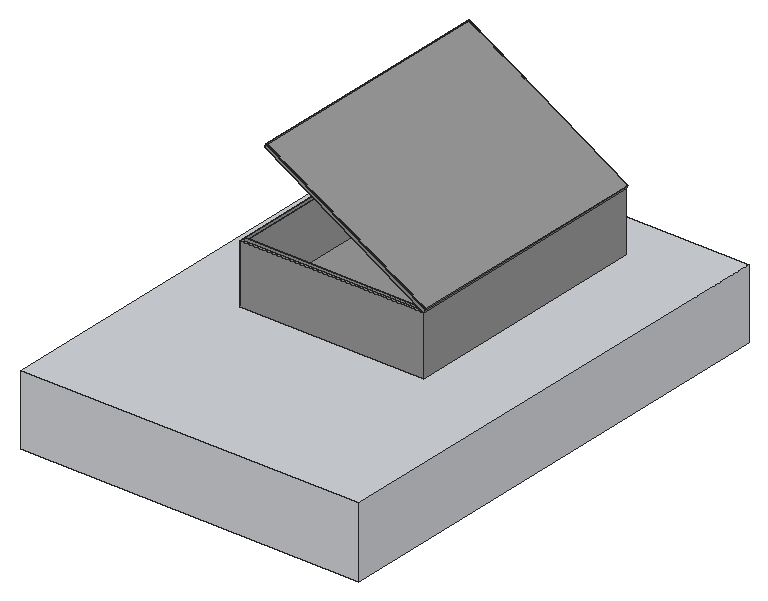
Revit family "Hager-Univers-IP55-D275-H1100-Cl.II-Steel_encl-PT-pt", category Equipement électrique, Revit 2020
Family settings
  Hôte = Face
  Configuration du panneau = Deux colonnes, circuits au sein
  Cote de connecteur circulaire = Utiliser le diamètre
  Type d'élément = Tableau de raccordement
  Couper avec des vides une fois chargée = Non
  Partagée = Non
  Point de calcul de pièce = Non
Parameters (values of type "Montagem em superfície (gesso) IP55 L800 A1100 P275  - FR73S")
  Width Control [instance] = if([EF000008 - Largura] > Min Width, [EF000008 - Largura], Min Width)  # 800 mm
  Commentaires du type = [HG000003 - Gama]  # "Univers"
  Thickness Door [instance] = if([EF009171 - Espessura do material da porta/tampa] > 3 mm, 3 mm, [EF009171 - Espessura do material da porta/tampa])  # 1.5 mm
  Seal Frame Offset [instance] = 17 mm  # constant formula
  Plinth Visibility [instance] = [HG000027 - Altura da Plinta] > 0 mm  # no
  Model = ""
  Min Width [instance] = 100 mm  # constant formula
  Min Height [instance] = 100 mm  # constant formula
  Min Depth [instance] = (2 * [EF009170 - Espessura do material do invólucro]) + 1 mm  # 4 mm
  Internal Frame Depth [instance] = (Door System Depth * 0.5)  # 9 mm
  Height Control [instance] = if([EF000040 - Altura] > Min Height, [EF000040 - Altura], Min Height)  # 1100 mm
  HG000027 - Altura da Plinta = 0 mm
  HG000026 - Instalação no chão = no
  HG000024 - Altura da secção inferior = 800 mm
  HG000023 - Recinto de secção dupla = no
  HG000016 - Visibilidade da porta 3D [instance] = yes
  HG000015 - Visibilidade através da porta [instance] = no
  HG000014 - Porta à direita [instance] = yes
  HG000013 - Porta à esquerda [instance] = not([HG000014 - Porta à direita])  # no
  HG000012 - Ângulo de abertura de porta [instance] = 30.00°
  HG000010 - Portas assimétricas = no
  HG000009 - Porta dupla = no
  HG000006 - Encastrado = no
  HG000004 - Referência do Fabricante = "FR73S"
  HG000003 - Gama = "Univers"
  HG000002 - Com porta ou tampa = yes
  Frame Offset Bottom [instance] = 10 mm  # constant formula
  Frame Offset [instance] = 15 mm  # constant formula
  EF015940 - Tampa com libertação de sobrepressão = no
  EF011959 - Grau de proteção (NEMA) = ""
  EF009554 - Número de aberturas para placas de flange = 6
  Fabricant = "Hager"  # constant formula
  EF009212 - Tipo de tampa = "EV000116 - Fechado"
  EF009171 - Espessura do material da porta/tampa = 1.5 mm
  EF009170 - Espessura do material do invólucro = 1.5 mm
  EF008873 - Corrente nominal (In) = 800 A
  EF007800 - Adequado para proteção contra raios = no
  EF006306 - Com fecho = no
  EF006244 - Tampa/porta transparente = no
  EF005474 - Grau de proteção (IP) = "EV006420 - IP55"
  EF004464 - Tipo de porta = "EV002646 - Único"
  EF004427 - Número de módulos = 252
  EF004293 - Força de impacto = "EV008784 - IK10"
  EF003532 - Adequado para uso no exterior = no
  EF002950 - Largura em número de módulos = 24
  EF001613 - Integridade do circuito = "EV000494 - Nenhum"
  EF001596 - Material do corpo = "EV000179 - Aço"
  EF001131 - Profundidade interior = 275 mm
  EF001088 - Extensão possível = yes
  EF000437 - Número de entradas de condutores = 6
  EF000339 - Tipo de difusor = "EV004216 - Porta"
  EF000266 - Número de linhas = 7
  EF000218 - Profundidade incorporada = 0 mm
  EF000118 - Com tampa de montagem = no
  EF000116 - Número RAL = "7035"
  EF000049 - Profundidade = 275 mm
  EF000040 - Altura = 1100 mm
  EF000008 - Largura = 800 mm
  EF000007 - Cor = "EV000270 - Cinzento"
  EF000003 - Método de montagem = "EV000384 - Montagem em superfície (gesso)"
  Door System Leaf Tolerance [instance] = 1.5 mm  # constant formula
  Door System Depth [instance] = 18 mm  # constant formula
  Door Height [instance] = Height Control - [HG000027 - Altura da Plinta]  # 1100 mm
  Depth Control [instance] = if([EF000049 - Profundidade] > Min Depth, [EF000049 - Profundidade], Min Depth)  # 275 mm
  Default Elevation = 0 mm
  Connector Offset [instance] = Height Control / 2  # 550 mm
  Bottom Top Plate Trim [instance] = 1.5 mm  # constant formula
  Plinth height Ctrl [instance] = if([HG000027 - Altura da Plinta] > 0 mm, [HG000027 - Altura da Plinta], 12 mm)  # 12 mm
Types (5, lengths in mm): name | Width Control | HG000010 - Portas assimétricas | HG000009 - Porta dupla | HG000004 - Referência do Fabricante | EF009554 - Número de aberturas para placas de flange | EF004464 - Tipo de porta | EF004427 - Número de módulos | EF000437 - Número de entradas de condutores | EF000008 - Largura
  Montagem em superfície (gesso) IP55 L1050 A1100 P275  - FR74S | 1050 | no | yes | "FR74S" | 8 | "EV003602 - Duplo" | 336 | 8 | 1050
  Montagem em superfície (gesso) IP55 L1300 A1100 P275  - FR75S | 1300 | yes | yes | "FR75S" | 10 | "EV003602 - Duplo" | 420 | 10 | 1300
  Montagem em superfície (gesso) IP55 L300 A1100 P275  - FR71S | 300 | no | no | "FR71S" | 2 | "EV002646 - Único" | 84 | 2 | 300
  Montagem em superfície (gesso) IP55 L550 A1100 P275  - FR72S | 550 | no | no | "FR72S" | 4 | "EV002646 - Único" | 168 | 4 | 550
  Montagem em superfície (gesso) IP55 L800 A1100 P275  - FR73S | 800 | no | no | "FR73S" | 6 | "EV002646 - Único" | 252 | 6 | 800
Reference planes
  plane 1 "Center (Front/Back)": y = 0
  plane 2: z = 0
  plane 3 "Center (Left/Right)": x = 0
  plane 4: z = 275
  plane 5: y = 1.5
  plane 6: y = 550
  plane 7: y = 0
  plane 8: y = 1100
  plane 9: z = 0
  plane 10: x = -385
  plane 11: x = 385
  plane 12: x = 383.5
  plane 13: x = -383.5
  plane 14: y = 1098.5
  plane 15: x = -383
  plane 16: x = -400
  plane 17: x = 383
  plane 18: x = 400
  plane 19: x = 398.5
  plane 20: x = -398.5
  plane 21: y = 11.5
  plane 22: y = 1100
  plane 23: y = 1083.5
  plane 24: z = 257
  plane 25: z = 1.5
  plane 26: z = 255.5
  plane 27: z = 273.5
Forms (mm)
  Extrusion 1, solid
    sketch origin (0, 0, 0) x (1, 0, 0) y (0, 1, 0)
      loop
        line (-702.964, 1305) -> (-702.964, -811.445) -> (766.763, -811.445) -> (766.763, 1305) -> (-702.964, 1305)
    from 0 to -304.8
  Extrusion 2, solid, material "Hager_Steel_RAL7035_Light_Grey", visible <- "Plinth Visibility", detail levels medium+fine
    sketch origin (0, 0, 0) x (1, 0, 0) y (0, 1, 0)
      loop
        line (-400, 0) -> (400, 0) -> (400, 12) -> (-400, 12) -> (-400, 0)
    from 0 to 257
  Extrusion 3, solid, material "Hager_Steel_RAL7035_Light_Grey", detail levels medium+fine
    sketch origin (0, 0, 0) x (1, 0, 0) y (0, 1, 0)
      loop
        line (-400, 0) -> (400, 0) -> (400, 1100) -> (-400, 1100) -> (-400, 0)
    from 0 to 257
  Extrusion 4, void
    sketch origin (0, 0, 0) x (1, 0, 0) y (0, 1, 0)
      loop
        line (-398.5, 1.5) -> (398.5, 1.5) -> (398.5, 1098.5) -> (-398.5, 1098.5) -> (-398.5, 1.5)
    from 1.5 to 255.5
  Extrusion 5, void
    sketch origin (-381.607, -4572, 257) x (0, -1, 0) y (-1, 0, 0)
      loop
        line (-4583.5, 1.893) -> (-5655.5, 1.893) -> (-5655.5, -765.107) -> (-4583.5, -765.107) -> (-4583.5, 1.893)
    from 0 to 1.5 <- "EF009170 - Espessura do material do invólucro"
  Extrusion 6, solid, material "Hager_Steel_RAL7035_Light_Grey", detail levels fine
    sketch origin (0, 0, 257) x (1, 0, 0) y (0, 1, 0)
      loop
        line (-383.5, 1083.5) -> (-383.5, 11.5) -> (383.5, 11.5) -> (383.5, 1083.5) -> (-383.5, 1083.5)
      loop
        line (-385, 10) -> (385, 10) -> (385, 1085) -> (-385, 1085) -> (-385, 10)
    from 0 to 9 <- "Internal Frame Depth"
  Extrusion 7, solid, material "Hager_Steel_RAL7035_Light_Grey", detail levels coarse
    sketch origin (0, 0, 0) x (1, 0, 0) y (0, 1, 0)
      loop
        line (-400, 0) -> (400, 0) -> (400, 1100) -> (-400, 1100) -> (-400, 0)
    from 0 to 275
  Sweep 8, void
    path in 3D
      loop
        line (-400, 12, 0) -> (400, 12, 0) -> (400, 12, 257) -> (-400, 12, 257) -> (-400, 12, 0)
    profile origin (-400, 12, 128.5) x (-1, 0, 0) y (0, -1, 0)
      loop
        line (0, 0) -> (0, 1.5) -> (-1.5, 1.5)
        arc (-1.5, 1.5) -> (-1.061, 0.439) -> (0, 0) r 1.5
Cuts and joins
  Extrusion 4, Extrusion 5 cuts Extrusion 3
  Sweep 8 cuts Extrusion 2
Lines and regions (mm)
  Masking region 1
    outline origin (0, 0, 0) x (1, 0, 0) y (0, 0, 1)
      loop
        line (-400, 275) -> (-400, 0) -> (400, 0) -> (400, 275) -> (-400, 275)
  Masking region 2, detail levels medium+fine
    outline origin (0, 140, 0) x (0, 1, 0) y (0, 0, 1)
      loop
        line (-140, 0) -> (960, 0) -> (960, 257) -> (-140, 257) -> (-140, 0)
  Masking region 3, not visible, detail levels medium+fine
    outline origin (0, 297.922, 0) x (0, 1, 0) y (0, 0, 1)
      loop
        line (263.578, 0) -> (303.578, 0) -> (303.578, 263.5)
        arc (303.578, 263.5) -> (300.649, 270.571) -> (293.578, 273.5) r 10
        line (293.578, 273.5) -> (263.578, 273.5) -> (263.578, 0)
  Masking region 4, detail levels coarse
    outline origin (0, 0, 180) x (0, 1, 0) y (0, 0, 1)
      loop
        line (0, -180) -> (1100, -180) -> (1100, 95) -> (0, 95) -> (0, -180)
  Masking region 5, visible <- "Plinth Visibility", detail levels medium+fine
    outline origin (0, 52.24, 12.345) x (0, 0, -1) y (0, 1, 0)
      loop
        line (10.845, -40.24) -> (-243.155, -40.24)
        arc (-243.155, -40.24) -> (-243.594, -41.301) -> (-244.655, -41.74) r 1.5
        line (-244.655, -41.74) -> (-244.655, -52.24) -> (12.345, -52.24) -> (12.345, -41.74)
        arc (12.345, -41.74) -> (11.285, -41.301) -> (10.845, -40.24) r 1.5
  Masking region 6, detail levels medium+fine
    outline origin (-381.607, -4572, 257) x (-1, 0, 0) y (0, -1, 0)
      loop
        line (18.393, -5672) -> (18.393, -4572) -> (-781.607, -4572) -> (-781.607, -5672) -> (18.393, -5672)
  Masking region 7, visible <- "Plinth Visibility", detail levels medium+fine
    outline origin (-381.607, -4727, 257) x (-1, 0, 0) y (0, -1, 0)
      loop
        arc (16.893, -4739) -> (17.332, -4737.939) -> (18.393, -4737.5) r 1.5
        line (18.393, -4737.5) -> (18.393, -4727) -> (-781.607, -4727) -> (-781.607, -4737.5)
        arc (-781.607, -4737.5) -> (-780.546, -4737.939) -> (-780.107, -4739) r 1.5
        line (-780.107, -4739) -> (16.893, -4739)
  Masking region 8, detail levels coarse
    outline origin (-442.548, -4669.526, 257) x (-1, 0, 0) y (0, -1, 0)
      loop
        line (-42.548, -5769.526) -> (-42.548, -4669.526) -> (-842.548, -4669.526) -> (-842.548, -5769.526) -> (-42.548, -5769.526)
  sketch lines
    curve 1: line (-400, 12, 257) -> (-400, 12, 0)
    curve 2: line (400, 12, 257) -> (-400, 12, 257)
    curve 3: line (400, 12, 257) -> (400, 12, 0)
    curve 4: line (-400, 12, 0) -> (400, 12, 0)
Dimensions and locks
  "Depth Control": plane 4 to Extrusion 1
  "HG000027 - Altura da Plinta": plane 1 "Center (Front/Back)" to plane 7
  "EF009170 - Espessura do material do invólucro": plane 5 to plane 7
  locked: connector elem to plane 3 "Center (Left/Right)"
  equal spacing: plane 8, plane 6, plane 7
  locked: connector elem to plane 6
  "EF009170 - Espessura do material do invólucro": plane 8 to plane 14
  "EF009170 - Espessura do material do invólucro": plane 10 to plane 13
  "EF009170 - Espessura do material do invólucro": plane 12 to plane 11
  "Frame Offset": plane 20 to plane 13
  "Frame Offset": plane 12 to plane 19
  "EF009170 - Espessura do material do invólucro": plane 16 to plane 20
  "EF009170 - Espessura do material do invólucro": plane 19 to plane 18
  "Seal Frame Offset": plane 16 to plane 15
  "Seal Frame Offset": plane 17 to plane 18
  "Frame Offset Bottom": plane 21 to plane 5
  "Frame Offset": plane 14 to plane 23
  equal spacing: plane 16, plane 3 "Center (Left/Right)", plane 18
  "Width Control": plane 16 to plane 18
  "EF009170 - Espessura do material do invólucro": plane 4 to plane 27
  "EF009170 - Espessura do material do invólucro": plane 24 to plane 26
  "EF009170 - Espessura do material do invólucro": plane 25 to level
  "Door System Depth": plane 4 to plane 24
  "Height Control": plane 1 "Center (Front/Back)" to Extrusion 7 sketch curve
  "Height Control": Masking region 4 sketch curve to plane 1 "Center (Front/Back)"
  "Height Control": plane 1 "Center (Front/Back)" to plane 22
  "Bottom Top Plate Trim": profile plane to Sweep 8 sketch curve
  "Bottom Top Plate Trim": Sweep 8 sketch curve to profile plane
  "Plinth height Ctrl": plane 1 "Center (Front/Back)" to Extrusion 2 sketch curve
  "Plinth height Ctrl": Masking region 5 sketch curve to plane 1 "Center (Front/Back)"
  "Plinth height Ctrl": plane 1 "Center (Front/Back)" to Masking region 7 sketch curve
  "Thickness Door": Extrusion 6 sketch curve to Extrusion 6 sketch curve  (x3)
  "Thickness Door": cut or joined group of Extrusion 3, Extrusion 4, Extrusion 5 to Extrusion 6 sketch curve
  radius of Masking region 3 sketch curve = 10 mm
  "Bottom Top Plate Trim": radius of Masking region 5 sketch curve  (x2)
  "Bottom Top Plate Trim": radius of Sweep 8 sketch curve
  "Bottom Top Plate Trim": radius of Masking region 7 sketch curve  (x2)
  aligned and locked: plane 2 to Extrusion 1
  aligned and locked: level to Extrusion 1
  aligned and locked: level to Masking region 1 sketch curve
  aligned and locked: Masking region 1 sketch curve to plane 18
  aligned and locked: Masking region 1 sketch curve to plane 16
  aligned and locked: plane 7 to Masking region 2 sketch curve
  aligned and locked: level to Masking region 3 sketch curve
  aligned and locked: Masking region 3 sketch curve to plane 27
  aligned and locked: level to Masking region 2 sketch curve
  aligned and locked: plane 1 "Center (Front/Back)" to Extrusion 2 sketch curve
  aligned and locked: Extrusion 3 sketch curve to plane 7
  aligned and locked: plane 16 to Extrusion 3 sketch curve
  aligned and locked: plane 18 to Extrusion 3 sketch curve
  aligned and locked: plane 20 to Extrusion 4 sketch curve
  aligned and locked: plane 19 to Extrusion 4 sketch curve
  aligned and locked: Extrusion 4 sketch curve to plane 5
  aligned and locked: Extrusion 4 to plane 25
  aligned and locked: plane 26 to Extrusion 4
  aligned and locked: plane 24 to Extrusion 3
  aligned and locked: Extrusion 5 sketch curve to plane 21
  aligned and locked: Extrusion 5 sketch curve to plane 13
  aligned and locked: Extrusion 5 sketch curve to plane 12
  aligned and locked: plane 18 to Extrusion 7 sketch curve
  aligned and locked: plane 1 "Center (Front/Back)" to Extrusion 7 sketch curve
  aligned and locked: plane 16 to Extrusion 7 sketch curve
  aligned and locked: plane 4 to Extrusion 7
  aligned and locked: Extrusion 7 to level
  aligned and locked: level to Masking region 4 sketch curve
  aligned and locked: Masking region 4 sketch curve to plane 1 "Center (Front/Back)"
  aligned and locked: Masking region 4 sketch curve to plane 4
  aligned and locked: nested 1 to level
  aligned and locked: nested 1 to plane 16
  aligned and locked: plane 8 to Extrusion 3 sketch curve
  aligned and locked: plane 23 to Extrusion 5 sketch curve
  aligned and locked: plane 14 to Extrusion 4 sketch curve
  aligned and locked: Masking region 2 sketch curve to plane 8
  aligned and locked: level to Masking region 5 sketch curve
  aligned and locked: plane 16 to Extrusion 2 sketch curve
  aligned and locked: plane 18 to Extrusion 2 sketch curve
  aligned and locked: Masking region 5 sketch curve to plane 24
  aligned and locked: Masking region 2 sketch curve to plane 24
  aligned and locked: plane 24 to Extrusion 2
  aligned and locked: profile plane to Sweep 8 sketch curve  (x2)
  aligned and locked: Masking region 6 sketch curve to plane 18
  aligned and locked: Masking region 6 sketch curve to plane 22
  aligned and locked: Masking region 6 sketch curve to plane 16
  aligned and locked: plane 8 to plane 22
  aligned and locked: Masking region 6 sketch curve to plane 7
  aligned and locked: Masking region 7 sketch curve to plane 16
  aligned and locked: Masking region 7 sketch curve to plane 1 "Center (Front/Back)"
  aligned and locked: Masking region 7 sketch curve to plane 18
  aligned and locked: Masking region 8 sketch curve to plane 1 "Center (Front/Back)"
  aligned and locked: Masking region 8 sketch curve to plane 18
  aligned and locked: Masking region 8 sketch curve to plane 22
  aligned and locked: Masking region 8 sketch curve to plane 16
  aligned and locked: nested 2 to plane 7
  aligned and locked: plane 3 "Center (Left/Right)" to nested 2
  aligned and locked: nested 2 to plane 24
  aligned and locked: Extrusion 6 sketch curve to cut or joined group of Extrusion 3, Extrusion 4, Extrusion 5  (x4)
Automatic sketch dimensions
  Extrusion 1 sketch curve to Extrusion 1 sketch curve = 1469.727 mm
  Extrusion 1 sketch curve to Extrusion 1 sketch curve = 2116.445 mm
  Masking region 1 sketch curve to plane 4 = 0 mm
  plane 6 to Masking region 3 sketch curve = 11.5 mm
  Masking region 3 sketch curve to Masking region 3 sketch curve = 30 mm
  Masking region 5 sketch curve to plane 1 "Center (Front/Back)" = 0 mm
Nested families
  nested 1: "Hager_Enclosure_Symbol" at (-400, 0, 0) x (1, 0, 0) z (0, -1, 0), Height <- "Depth Control", Width <- "Width Control", type "Hager_Enclosure_Symbol"
    with Width_Ctrl 800 mm, Width 800 mm, Height_Ctrl 275 mm, Height 275 mm, A_Width_Int 18.047 mm, A_Width 216.562 mm, A_Height_Ctrl 240.625 mm, A_Height 240.625 mm
  nested 2: "EC000058_Univers_Door" at (0, 0, 257) x (1, 0, 0) z (0, 1, 0), Leaf_Tolerance <- "Door System Leaf Tolerance", Angle <- "HG000012 - Ângulo de abertura de porta", Door_Depth <- "Door System Depth", Door_Left <- "HG000013 - Porta à esquerda", Transparent <- "EF006244 - Tampa/porta transparente", Assymetrical <- "HG000010 - Portas assimétricas", Width <- "Width Control", Clearance <- "HG000015 - Visibilidade através da porta", Double <- "HG000009 - Porta dupla", 3d_Door <- "HG000016 - Visibilidade da porta 3D", Lock_Visibility <- "EF006306 - Com fecho", Width_Ctrl <- "Width Control", Door_Right <- "HG000014 - Porta à direita", Door <- "HG000002 - Com porta ou tampa", Height <- "Door Height", Thickness <- "Thickness Door", type "EC000058_Univers_Door", detail levels medium+fine
    with min_wh 4 mm, Width_Ctrl 800 mm, Width 800 mm, Transparent no, Thickness 1.5 mm, Seal_Material Hager_Rubber, Lock_Visibility no, Lock_Material Hager_Plastic_RAL9005_Jet_Black, Leaf_Width 800 mm, Leaf_Tolerance_External_Sides 0 mm, Leaf_Tolerance 1.5 mm, Leaf_Offset 0 mm, Leaf_Height 1097 mm, Leaf_2_Width 800 mm, Leaf_2_Offset 400 mm, Leaf_1_Width 800 mm, Leaf_1_Offset 400 mm, Height_Ctrl 1100 mm, Height 1100 mm, Glass_Material Hager_Glass, Double_Clearance_Ctrl no, Double no, Door_Right_Ctrl yes, Door_Right yes, Door_Material Hager_Steel_RAL7035_Light_Grey, Door_Left_Ctrl no, Door_Left no, Door_Depth 18 mm, Door yes, Clearance_Material Hager_Clearance, Clearance_Depth 800 mm, Clearance_Ctrl no, Clearance no, Assymetrical no, Angle 30.00°, 3d_Door yes
Connectors
  electrical at (0, 550, 0)
    settings: on plane 9, index 1, voltage 0 V, apparent load 0 VA, apparent load phase1 0 VA, apparent load phase2 0 VA, apparent load phase3 0 VA, power factor 1, load classification "Other", number of poles 1, system type 30, power factor state 1, is connector primary yes, connector utility no, sub classification motor no, connector description ""
Definition of nested family "EC000058_Univers_Door"
  Parameters (values of type "EC000058_Univers_Door")
    min_wh [instance] = (2 * Thickness) + 1 mm  # 11 mm
    Width_Ctrl [instance] = 400 mm
    Width [instance] = 500 mm
    Transparent [instance] = yes
    Thickness [instance] = 5 mm
    Seal_Material [instance] = none
    Lock_Visibility [instance] = yes
    Lock_Material [instance] = none
    Leaf_Width [instance] = if((Width_Ctrl - 2 * Leaf_Tolerance_External_Sides) > 0 mm, (Width_Ctrl - 2 * Leaf_Tolerance_External_Sides), min_wh)  # 400 mm
    Leaf_Tolerance_External_Sides [instance] = 0 mm  # constant formula
    Leaf_Tolerance [instance] = 1.5 mm
    Leaf_Offset [instance] = 0 mm  # constant formula
    Leaf_Height [instance] = if((Height_Ctrl - 2 * Leaf_Tolerance) > 0 mm, (Height_Ctrl - 2 * Leaf_Tolerance), min_wh)  # 497 mm
    Leaf_2_Width [instance] = if(and(and(Double, Assymetrical), Door_Left), (Leaf_Width / 3) - (Leaf_Tolerance / 2), if(and(and(Double, Assymetrical), Door_Right), (Leaf_Width / 3) * 2 - (Leaf_Tolerance / 2), if(and(Double, not(Assymetrical)), (Leaf_Width / 2) - Leaf_Tolerance, Leaf_Width)))  # 400 mm
    Leaf_2_Offset [instance] = if(and(Double, Assymetrical), Leaf_2_Width / 2, if(and(Double, not(Assymetrical)), Leaf_Width / 4, Leaf_Width / 2))  # 200 mm
    Leaf_1_Width [instance] = if(and(and(Double, Assymetrical), Door_Right), (Leaf_Width / 3) - (Leaf_Tolerance / 2), if(and(and(Double, Assymetrical), Door_Left), (Width / 3) * 2 - (Leaf_Tolerance / 2), if(and(Double, not(Assymetrical)), (Leaf_Width / 2) - Leaf_Tolerance, Leaf_Width)))  # 400 mm
    Leaf_1_Offset [instance] = if(and(Double, Assymetrical), Leaf_1_Width / 2, if(and(Double, not(Assymetrical)), Leaf_Width / 4, Leaf_Width / 2))  # 200 mm
    Height_Ctrl [instance] = if(Height > min_wh, Height, min_wh)  # 500 mm
    Height [instance] = 500 mm
    Glass_Material [instance] = none
    Double_Clearance_Ctrl [instance] = and(Double, Clearance)  # no
    Double [instance] = no
    Door_Right_Ctrl [instance] = and(or(Door_Right, Double), Door)  # yes
    Door_Right [instance] = yes
    Door_Material [instance] = none
    Door_Left_Ctrl [instance] = and(or(Door_Left, Double), Door)  # no
    Door_Left [instance] = no
    Door_Depth [instance] = 30 mm
    Door [instance] = yes
    Default Elevation = 1219.2 mm
    Clearance_Material [instance] = none
    Clearance_Depth [instance] = if(Leaf_1_Width > Leaf_2_Width, Leaf_1_Width, Leaf_2_Width)  # 400 mm
    Clearance_Ctrl [instance] = and(not(Double), Clearance)  # yes
    Clearance [instance] = yes
    Assymetrical [instance] = yes
    Angle [instance] = 30.00°
    3d_Door [instance] = yes
  Reference planes
    plane 1 "Center (Front/Back)": y = 0
    plane 2 "Bottom": z = 0
    plane 3 "Center (Left/Right)": x = 0
    plane 4: z = 500
    plane 5: x = -200
    plane 6: x = 200
    plane 7: z = 500
    plane 8: x = -200
    plane 9: z = 0
    plane 10: x = 200
    plane 11: y = 0
    plane 12: z = 1.5
    plane 13: x = -600
    plane 14: y = -400
    plane 15: x = 600
    plane 16: x = 0
    plane 17: x = 0
    plane 18: x = -200
    plane 19: x = 200
    plane 20: z = 498.5
  Forms (mm)
    Extrusion 1, solid, material <- "Clearance_Material", visible <- "Double_Clearance_Ctrl"
      sketch origin (1200, 0, 0) x (1, 0, 0) y (0, 0, -1)
        loop
          line (-1800, -498.5) -> (-600, -498.5) -> (-600, 0) -> (-1800, 0) -> (-1800, -498.5)
      from 0 to -400
  Dimensions and locks
    equal spacing: plane 5, plane 3 "Center (Left/Right)", plane 6
    "Width_Ctrl": plane 5 to plane 6
    "Leaf_Offset": plane 5 to plane 8
    "Leaf_Offset": plane 6 to plane 10
    "Leaf_Offset": plane 9 to level
    "Leaf_Offset": plane 4 to plane 7
    "Height_Ctrl": plane 4 to level
    "Leaf_Tolerance": plane 12 to plane 9
    locked: plane 11 to plane 1 "Center (Front/Back)"
    "Leaf_1_Offset": plane 18 to plane 16
    "Leaf_2_Offset": plane 17 to plane 19
    "Leaf_1_Width": plane 13 to plane 8
    "Leaf_2_Width": plane 10 to plane 15
    "Clearance_Depth": plane 14 to plane 1 "Center (Front/Back)"
    "Leaf_Tolerance_External_Sides": plane 8 to plane 18
    "Leaf_Tolerance_External_Sides": plane 19 to plane 10
    "Leaf_Tolerance": plane 7 to plane 20
    aligned and locked: level to plane 2 "Bottom"
    aligned and locked: nested 1 to plane 16
    aligned and locked: nested 2 to plane 17
    aligned and locked: Extrusion 1 to plane 13
    aligned and locked: plane 15 to Extrusion 1
    aligned and locked: Extrusion 1 to plane 14
    aligned and locked: plane 12 to nested 1
    aligned and locked: nested 2 to plane 12
    aligned and locked: Extrusion 1 to plane 11
    aligned and locked: plane 20 to Extrusion 1
    aligned and locked: nested 2 to plane 11
    aligned and locked: nested 1 to plane 11
  Automatic sketch dimensions
    Extrusion 1 sketch curve to level = 0 mm
    plane 5 to Extrusion 1 sketch curve = 400 mm
    plane 6 to Extrusion 1 sketch curve = 400 mm
    Extrusion 1 sketch curve to plane 4 = 1.5 mm
  Nested families
    nested 1: "EC000058_Univers_Door_Leaf" at (0, 0, 1.5), Width <- "Leaf_1_Width", visible <- "Door_Left_Ctrl", Leaf_Height <- "Leaf_Height", Angle <- "Angle", 3d_Door <- "3d_Door", Transparent <- "Transparent", Clearance Material <- "Clearance_Material", Clearance <- "Clearance_Ctrl", Door_Material <- "Door_Material", Glass_Material <- "Glass_Material", Door_Depth <- "Door_Depth", Lock_Material <- "Lock_Material", Seal_Material <- "Seal_Material", Lock_Visibility <- "Lock_Visibility", Thickness <- "Thickness", type "EC000058_Univers_Door_Leaf"
      with Width 400 mm, Transparent_Glass_Offset 30 mm, Transparent_Ctrl yes, Transparent yes, Thickness 5 mm, Standard no, Seal_Material none, Seal_D2 8 mm, Seal_D1 1 mm, Offset_Internal_Frame 10 mm, Lock_Width 20 mm, Lock_Visibility_3d yes, Lock_Visibility yes, Lock_Thickness_3 3 mm, Lock_Thickness_2 1 mm, Lock_Thickness_1 3 mm, Lock_Radius_Offset_2 16 mm, Lock_Radius_Offset_1 15 mm, Lock_Radius_2 5 mm, Lock_Radius 6 mm, Lock_Offset 5 mm, Lock_Material none, Lock_Height 80 mm, Lock_Cover_Top_Offset_2d 17 mm, Lock_Cover_Height -65 mm, Leaf_Height 497 mm, Internal_Seal_Thickness 8 mm, Internal_Seal_Depth_2 4.5 mm, Internal_Frame_Depth 25 mm, Glass_Thickness -1 mm, Glass_Offset -2 mm, Glass_Material none, Door_Material none, Door_Depth 30 mm, Clearance Material none, Clearance yes, Angle_Ctrl 30.00°, Angle 30.00°, 3d_Door yes
    nested 2: "EC000058_Univers_Door_Leaf" at (0, 0, 1.5) x (-1, 0, 0) z (0, 0, 1), Width <- "Leaf_2_Width", visible <- "Door_Right_Ctrl", Leaf_Height <- "Leaf_Height", Angle <- "Angle", 3d_Door <- "3d_Door", Transparent <- "Transparent", Clearance Material <- "Clearance_Material", Clearance <- "Clearance_Ctrl", Door_Material <- "Door_Material", Glass_Material <- "Glass_Material", Door_Depth <- "Door_Depth", Lock_Material <- "Lock_Material", Seal_Material <- "Seal_Material", Lock_Visibility <- "Lock_Visibility", Thickness <- "Thickness", type "EC000058_Univers_Door_Leaf"
      with Width 400 mm, Transparent_Glass_Offset 30 mm, Transparent_Ctrl yes, Transparent yes, Thickness 5 mm, Standard no, Seal_Material none, Seal_D2 8 mm, Seal_D1 1 mm, Offset_Internal_Frame 10 mm, Lock_Width 20 mm, Lock_Visibility_3d yes, Lock_Visibility yes, Lock_Thickness_3 3 mm, Lock_Thickness_2 1 mm, Lock_Thickness_1 3 mm, Lock_Radius_Offset_2 16 mm, Lock_Radius_Offset_1 15 mm, Lock_Radius_2 5 mm, Lock_Radius 6 mm, Lock_Offset 5 mm, Lock_Material none, Lock_Height 80 mm, Lock_Cover_Top_Offset_2d 17 mm, Lock_Cover_Height -65 mm, Leaf_Height 497 mm, Internal_Seal_Thickness 8 mm, Internal_Seal_Depth_2 4.5 mm, Internal_Frame_Depth 25 mm, Glass_Thickness -1 mm, Glass_Offset -2 mm, Glass_Material none, Door_Material none, Door_Depth 30 mm, Clearance Material none, Clearance yes, Angle_Ctrl 30.00°, Angle 30.00°, 3d_Door yes
  Definition of nested family "EC000058_Univers_Door_Leaf"
    Parameters (values of type "EC000058_Univers_Door_Leaf")
      Width [instance] = 2000 mm
      Transparent_Glass_Offset [instance] = 30 mm
      Transparent_Ctrl [instance] = and(Transparent, [3d_Door])  # yes
      Transparent [instance] = yes
      Thickness [instance] = 5 mm
      Standard [instance] = and(not(Transparent), [3d_Door])  # no
      Seal_Material [instance] = none
      Seal_D2 [instance] = 8 mm  # constant formula
      Seal_D1 [instance] = 1 mm  # constant formula
      Offset_Internal_Frame [instance] = 10 mm  # constant formula
      Lock_Width [instance] = 20 mm  # constant formula
      Lock_Visibility_3d [instance] = and(Lock_Visibility, [3d_Door])  # yes
      Lock_Visibility [instance] = yes
      Lock_Thickness_3 [instance] = 3 mm  # constant formula
      Lock_Thickness_2 [instance] = 1 mm  # constant formula
      Lock_Thickness_1 [instance] = 3 mm  # constant formula
      Lock_Radius_Offset_2 [instance] = Lock_Radius_Offset_1 + 1 mm  # 16 mm
      Lock_Radius_Offset_1 [instance] = 15 mm  # constant formula
      Lock_Radius_2 [instance] = Lock_Radius - 1 mm  # 5 mm
      Lock_Radius [instance] = 6 mm  # constant formula
      Lock_Offset [instance] = 5 mm  # constant formula
      Lock_Material [instance] = none
      Lock_Height [instance] = 80 mm  # constant formula
      Lock_Cover_Top_Offset_2d [instance] = Lock_Radius_Offset_2 + 1 mm  # 17 mm
      Lock_Cover_Height [instance] = -(Lock_Height - Lock_Radius_Offset_1)  # -65 mm
      Leaf_Height [instance] = 2720.336 mm
      Internal_Seal_Thickness [instance] = 8 mm  # constant formula
      Internal_Seal_Depth_2 [instance] = 4.5 mm  # constant formula
      Internal_Frame_Depth [instance] = if(Door_Depth - Thickness > 5 mm, Door_Depth - Thickness, 5 mm)  # 25 mm
      Glass_Thickness [instance] = if(Thickness > 15 mm, Glass_Offset + 10 mm, -1 mm)  # -1 mm
      Glass_Offset [instance] = if(Thickness > 15 mm, -(Thickness + 10 mm) / 2, -2 mm)  # -2 mm
      Glass_Material [instance] = none
      Door_Material [instance] = none
      Door_Depth [instance] = 30 mm
      Default Elevation = 0 mm
      Clearance Material [instance] = none
      Clearance [instance] = yes
      Angle_Ctrl [instance] = if(Angle > 180.00°, 180.00°, Angle)  # 90.00°
      Angle [instance] = 90.00°
      3d_Door [instance] = yes
    Reference planes
      plane 1 "Center (Front/Back)": y = 0
      plane 2: z = 0
      plane 3 "Center (Left/Right)": x = 0
      plane 4: y = 2000
      plane 5: x = -1000
      plane 6: x = 1000
      plane 7: x = -3000
      plane 8: z = 2720.336
      plane 9: z = 30
      plane 10: z = 2690.336
      plane 11: x = 970
      plane 12: x = -970
      plane 13: y = -3
      plane 14: z = 107.833
      plane 15: y = -5
      plane 16: y = -223.314
      plane 17: x = -1000
      plane 18: z = 1360.168
      plane 19: y = 30
    Forms (mm)
      Extrusion 1, solid, material <- "Clearance Material", visible <- "Clearance"
        sketch origin (0, 0, 0) x (1, 0, 0) y (0, 0, 1)
          loop
            line (-3000, 2720.336) -> (-3000, 0) -> (1000, 0) -> (1000, 2720.336) -> (-3000, 2720.336)
        from 0 to -2000
      Extrusion 2, solid, material <- "Door_Material", visible <- "Standard", detail levels medium+fine
        sketch origin (-1000, 0, 0) x (0, 1, 0) y (-1, 0, 0)
          loop
            line (0, 30) -> (0, 25) -> (2000, 25) -> (2000, 30) -> (0, 30)
        from 0 to 2720.336 <- "Leaf_Height"
      Extrusion 3, solid, material <- "Door_Material", visible <- "Transparent_Ctrl", detail levels medium+fine
        sketch origin (-1000, 0, 0) x (0, 1, 0) y (-1, 0, 0)
          loop
            line (0, 25) -> (2000, 25) -> (2000, 30) -> (0, 30) -> (0, 25)
        from 0 to 2720.336 <- "Leaf_Height"
      Extrusion 4, void
        sketch origin (-1025, 2000, 0) x (0, 1, 0) y (0, 0, -1)
          loop
            line (-30, -2690.336) -> (-30, -30) -> (-1970, -30) -> (-1970, -2690.336) -> (-30, -2690.336)
        from 0 to 5 <- "Thickness"
      Sweep 5, solid, material <- "Seal_Material", visible <- "Transparent_Ctrl", detail levels fine
        path in 3D
          loop
            line (-1025, 30, 30) -> (-1025, 30, 2690.336) -> (-1025, 1970, 2690.336) -> (-1025, 1970, 30) -> (-1025, 30, 30)
        profile origin (-1025, 1000, 30) x (1, 0, 0) y (0, 0, 1)
          loop
            line (0, 0) -> (0, -8) -> (1, -8) -> (1, 0) -> (0, 0)
      Extrusion 6, solid, material <- "Glass_Material", visible <- "Transparent_Ctrl", detail levels medium+fine
        sketch origin (-1030, 0, 0) x (0, 1, 0) y (0, 0, -1)
          loop
            line (1970, -2690.336) -> (1970, -30) -> (30, -30) -> (30, -2690.336) -> (1970, -2690.336)
        from -2 <- "Glass_Offset" to -1 <- "Glass_Thickness"
      Extrusion 7, solid, material <- "Door_Material", visible <- "3d_Door", detail levels medium+fine
        sketch origin (-1025, 2000, 0) x (0, -1, 0) y (0, 0, -1)
          loop
            line (0, -2720.336) -> (2000, -2720.336) -> (2000, 0) -> (0, 0) -> (0, -2720.336)
          loop
            line (1995, -5) -> (5, -5) -> (5, -2715.336) -> (1995, -2715.336) -> (1995, -5)
        from 0 to 25 <- "Internal_Frame_Depth"
      Sweep 8, solid, material <- "Seal_Material", visible <- "Transparent_Ctrl", detail levels fine
        path in 3D
          loop
            line (-1025, 0, 0) -> (-1025, 2000, 0) -> (-1025, 2000, 2720.336) -> (-1025, 0, 2720.336) -> (-1025, 0, 0)
        profile origin (-1025, 0, 1360.168) x (1, 0, 0) y (0, 1, 0)
          loop
            line (0, 10) -> (2.975, 10)
            arc (2.975, 10) -> (4.053, 10.447) -> (4.5, 11.525) r 1.525
            line (4.5, 11.525) -> (4.5, 16.527)
            arc (4.5, 16.527) -> (4.069, 17.569) -> (3.027, 18) r 1.473
            line (3.027, 18) -> (0, 18) -> (0, 10)
      Extrusion 9, solid, material <- "Lock_Material", visible <- "Lock_Visibility_3d", detail levels fine
        sketch origin (-1030, 0, 0) x (0, 1, 0) y (0, 0, -1)
          loop
            arc (1993.5, -1400.168) -> (1994.561, -1399.729) -> (1995, -1398.668) r 1.5
            line (1995, -1398.668) -> (1995, -1320.168) -> (1975, -1320.168) -> (1975, -1398.668)
            arc (1975, -1398.668) -> (1975.439, -1399.729) -> (1976.5, -1400.168) r 1.5
            line (1976.5, -1400.168) -> (1993.5, -1400.168)
        from 3 <- "Lock_Thickness_1" to 0
      Blend 10, solid, material <- "Lock_Material", visible <- "Lock_Visibility_3d", detail levels fine
        base sketch origin (-1033, 0, 0) x (0, 1, 0) y (0, 0, -1)
          loop
            line (1975, -1320.168) -> (1975, -1398.668)
            arc (1975, -1398.668) -> (1975.439, -1399.729) -> (1976.5, -1400.168) r 1.5
            line (1976.5, -1400.168) -> (1993.5, -1400.168)
            arc (1993.5, -1400.168) -> (1994.561, -1399.729) -> (1995, -1398.668) r 1.5
            line (1995, -1398.668) -> (1995, -1320.168) -> (1975, -1320.168)
        top sketch origin (-1033, 0, 0) x (0, 1, 0) y (0, 0, -1)
          loop
            line (1976, -1320.168) -> (1976, -1398.668)
            arc (1976, -1398.668) -> (1976.146, -1399.022) -> (1976.5, -1399.168) r 0.5
            line (1976.5, -1399.168) -> (1993.5, -1399.168)
            arc (1993.5, -1399.168) -> (1993.854, -1399.022) -> (1994, -1398.668) r 0.5
            line (1994, -1398.668) -> (1994, -1320.168) -> (1976, -1320.168)
        from 0 to 1 <- "Lock_Thickness_2"
      Blend 11, solid, material <- "Lock_Material", visible <- "Lock_Visibility_3d", detail levels fine
        base sketch origin (-1034, 0, 0) x (0, 1, 0) y (0, 0, -1)
          loop
            line (1978, -1320.168) -> (1978, -1384.168)
            arc (1978, -1384.168) -> (1985, -1391.168) -> (1992, -1384.168) r 7
            line (1992, -1384.168) -> (1992, -1320.168) -> (1978, -1320.168)
        top sketch origin (-1034, 0, 0) x (0, 1, 0) y (0, 0, -1)
          loop
            line (1991, -1320.168) -> (1979, -1320.168) -> (1979, -1383.168)
            arc (1979, -1383.168) -> (1985, -1389.168) -> (1991, -1383.168) r 6
            line (1991, -1383.168) -> (1991, -1320.168)
        from 0 to 3 <- "Lock_Thickness_3"
      Extrusion 12, solid, material <- "Lock_Material", visible <- "Lock_Visibility_3d", detail levels fine
        sketch origin (-1030, 1975, 1320.168) x (1, 0, 0) y (0, -1, 0)
          loop
            line (-7, -19) -> (-7, -1) -> (0, -1) -> (0, 0) -> (-8, 0) -> (-8, -20) -> (0, -20) -> (0, -19) -> (-7, -19)
        from 0 to -65 <- "Lock_Cover_Height"
      Extrusion 13, void
        sketch origin (-1038, 1995, 1320.168) x (-1, 0, 0) y (0, 0, -1)
          loop
            line (-5, -65) -> (0, -65) -> (-5, -60) -> (-5, -65)
        from 0 to 20 <- "Lock_Width"
      Extrusion 14, void
        sketch origin (-1038, 1975, 1320.168) x (0, -1, 0) y (0, 0, -1)
          loop
            circle (-10, -15.995) r 6
          loop
            circle (-10, -15.995) r 5
        from 0 to 2
      Extrusion 15, solid, material <- "Lock_Material", visible <- "Lock_Visibility_3d", detail levels medium
        sketch origin (-1030, 0, 0) x (0, 1, 0) y (0, 0, -1)
          loop
            arc (1993.5, -1400.168) -> (1994.561, -1399.729) -> (1995, -1398.668) r 1.5
            line (1995, -1398.668) -> (1995, -1320.168) -> (1975, -1320.168) -> (1975, -1398.668)
            arc (1975, -1398.668) -> (1975.439, -1399.729) -> (1976.5, -1400.168) r 1.5
            line (1976.5, -1400.168) -> (1993.5, -1400.168)
        from 8 to 0
    Cuts and joins
      Extrusion 4 cuts Extrusion 3
      Extrusion 13, Extrusion 14 cuts Extrusion 9
      Extrusion 14 cuts Blend 11
      Extrusion 13, Extrusion 14 cuts Extrusion 12
      joined: Extrusion 9, Blend 10, Blend 11, Extrusion 12
      Extrusion 14 cuts Extrusion 15
    Lines and regions (mm)
      Masking region 1, visible <- "Lock_Visibility", detail levels fine
        outline origin (0, 0, 0) x (0, 1, 0) y (0, 0, 1)
          loop
            line (30, 1320.168) -> (33, 1320.168) -> (33, 1400.168) -> (30, 1400.168) -> (30, 1320.168)
      Masking region 2, visible <- "Lock_Visibility", detail levels fine
        outline origin (0, 3.143, 0) x (0, 1, 0) y (0, 0, 1)
          loop
            line (29.857, 1354.168) -> (30.857, 1354.168) -> (30.857, 1366.168) -> (29.857, 1366.168) -> (29.857, 1354.168)
      Masking region 3, detail levels medium+fine
        outline origin (0, 0, 0) x (0, 1, 0) y (0, 0, 1)
          loop
            line (0, 0) -> (30, 0) -> (30, 2720.336) -> (0, 2720.336) -> (0, 0)
      Masking region 4, detail levels medium+fine
        outline origin (0, 0, 0) x (1, 0, 0) y (0, 0, 1)
          loop
            line (-1000, 2720.336) -> (-1000, 0) -> (1000, 0) -> (1000, 2720.336) -> (-1000, 2720.336)
      Masking region 5, visible <- "Lock_Visibility", detail levels fine
        outline origin (-47.116, 0, 0) x (1, 0, 0) y (0, 0, 1)
          loop
            arc (1024.616, 1399.168) -> (1023.556, 1398.729) -> (1023.116, 1397.668) r 1.5
            line (1023.116, 1397.668) -> (1023.116, 1320.168) -> (1041.116, 1320.168) -> (1041.116, 1397.668)
            arc (1041.116, 1397.668) -> (1040.677, 1398.729) -> (1039.616, 1399.168) r 1.5
            line (1039.616, 1399.168) -> (1024.616, 1399.168)
      Masking region 6, visible <- "Lock_Visibility", detail levels medium+fine
        outline origin (-25, 0, 0) x (1, 0, 0) y (0, 0, 1)
          loop
            arc (1001.5, 1400.168) -> (1000.439, 1399.729) -> (1000, 1398.668) r 1.5
            line (1000, 1398.668) -> (1000, 1320.168) -> (1020, 1320.168) -> (1020, 1398.668)
            arc (1020, 1398.668) -> (1019.561, 1399.729) -> (1018.5, 1400.168) r 1.5
            line (1018.5, 1400.168) -> (1001.5, 1400.168)
      Masking region 7, visible <- "Lock_Visibility", detail levels fine
        outline origin (-73.735, 0, 0) x (1, 0, 0) y (0, 0, 1)
          loop
            line (1051.735, 1382.168) -> (1065.735, 1382.168) -> (1065.735, 1384.168)
            arc (1065.735, 1384.168) -> (1058.735, 1391.168) -> (1051.735, 1384.168) r 7
            line (1051.735, 1384.168) -> (1051.735, 1382.168)
      Masking region 8, visible <- "Lock_Visibility", detail levels fine
        outline origin (-73.735, 0, 0) x (1, 0, 0) y (0, 0, 1)
          loop
            line (1052.735, 1382.168) -> (1064.735, 1382.168) -> (1064.735, 1383.168)
            arc (1064.735, 1383.168) -> (1058.735, 1389.168) -> (1052.735, 1383.168) r 6
            line (1052.735, 1383.168) -> (1052.735, 1382.168)
      Masking region 9, visible <- "Lock_Visibility", detail levels fine
        outline origin (-25, 0, 0) x (1, 0, 0) y (0, 0, 1)
          loop
            line (1020, 1320.168) -> (1020, 1382.168) -> (1000, 1382.168) -> (1000, 1320.168) -> (1020, 1320.168)
      Masking region 10, detail levels medium+fine
        outline origin (0, 0, 0) x (1, 0, 0) y (0, 0, 1)
          loop
            circle (985, 1335.144) r 6
      Masking region 11, detail levels fine
        outline origin (0, 0, 0) x (1, 0, 0) y (0, 0, 1)
          loop
            circle (985, 1335.144) r 5
      Masking region 12, visible <- "Lock_Visibility", detail levels fine
        outline origin (0, 12.767, 0) x (0, 1, 0) y (0, 0, 1)
          loop
            line (20.233, 1320.168) -> (21.233, 1320.168) -> (21.233, 1399.168) -> (20.233, 1400.168) -> (20.233, 1320.168)
      Masking region 13, visible <- "Lock_Visibility", detail levels fine
        outline origin (0, 13.767, -10) x (0, 1, 0) y (0, 0, 1)
          loop
            line (20.233, 1330.168) -> (23.233, 1330.168) -> (23.233, 1399.168) -> (20.233, 1402.168) -> (20.233, 1330.168)
      Masking region 14, visible <- "Lock_Visibility", detail levels fine
        outline origin (0, 12.767, -10) x (0, 1, 0) y (0, 0, 1)
          loop
            line (20.233, 1330.168) -> (25.233, 1330.168) -> (25.233, 1399.305) -> (20.233, 1394.305) -> (20.233, 1330.168)
      Masking region 15, visible <- "Lock_Visibility", detail levels medium
        outline origin (0, 0, 0) x (0, 1, 0) y (0, 0, 1)
          loop
            line (30, 1320.168) -> (38, 1320.168) -> (38, 1400.168) -> (30, 1400.168) -> (30, 1320.168)
      Masking region 16, visible <- "Lock_Visibility", detail levels fine
        outline origin (-1000, 0, 0) x (0, 1, 0) y (-1, 0, 0)
          loop
            line (1975, 30) -> (1995, 30) -> (1995, 38) -> (1975, 38) -> (1975, 30)
          loop
            line (1979, 37) -> (1976, 37) -> (1976, 34) -> (1978, 34) -> (1979, 37)
          loop
            line (1994, 37) -> (1991, 37) -> (1992, 34) -> (1994, 34) -> (1994, 37)
      Masking region 17, visible <- "Lock_Visibility", detail levels medium
        outline origin (-1000, 0, 0) x (0, 1, 0) y (-1, 0, 0)
          loop
            line (1975, 30) -> (1995, 30) -> (1995, 38) -> (1975, 38) -> (1975, 30)
      symbolic lines
        curve 1: line (1000, 0, 0) -> (-3000, 0, 0)
        curve 2: arc (1000, 0, 0) -> (-1000, 2000, 0) -> (-3000, 0, 0) r 2000
        curve 4: line (-1030, 0, 0) -> (-1030, 2000, 0)
      reference lines
        curve 3: line (-1000, 0, 0) -> (-1000, 2000, 0)
      symbolic lines, detail levels medium+fine
        curve 5: line (-1030, 2000, 0) -> (-1025, 2000, 0)
        curve 7: line (-1025, 0, 0) -> (-1030, 0, 0)
        curve 8: line (-1025, 0, 0) -> (-1000, 0, 0)
        curve 9: line (-1000, 0, 0) -> (-1000, 2000, 0)
        curve 10: line (-1000, 2000, 0) -> (-1025, 2000, 0)
      symbolic lines, detail levels fine
        curve 6: line (-1025, 2000, 0) -> (-1025, 0, 0)
      sketch lines
        curve 11: line (-1025, 0, 2720.336) -> (-1025, 0, 0)
        curve 12: line (-1025, 2000, 0) -> (-1025, 0, 0)
        curve 13: line (-1025, 2000, 2720.336) -> (-1025, 2000, 0)
        curve 14: line (-1025, 0, 2720.336) -> (-1025, 2000, 2720.336)
        curve 15: line (-1025, 1970, 30) -> (-1025, 30, 30)
        curve 16: line (-1025, 30, 30) -> (-1025, 30, 2690.336)
        curve 17: line (-1025, 1970, 2690.336) -> (-1025, 1970, 30)
        curve 18: line (-1025, 30, 2690.336) -> (-1025, 1970, 2690.336)
      symbolic lines, visible <- "Transparent", detail levels medium+fine
        curve 19: line (-970, 0, 2690.336) -> (970, 0, 2690.336)
        curve 20: line (-970, 0, 30) -> (-970, 0, 2690.336)
        curve 21: line (970, 0, 30) -> (-970, 0, 30)
        curve 22: line (970, 0, 2690.336) -> (970, 0, 30)
    Dimensions and locks
      "Width": plane 1 "Center (Front/Back)" to plane 4
      equal spacing: plane 5, plane 3 "Center (Left/Right)", plane 6
      "Width": plane 5 to plane 6
      "Width": plane 7 to plane 5
      "Leaf_Height": plane 8 to level
      "Width": curve 5 to curve 3
      "Width": curve 3 to curve 3
      plane 8 to plane 10 = 30 mm
      plane 9 to level = 30 mm
      plane 12 to plane 5 = 30 mm
      plane 6 to plane 11 = 30 mm
      Extrusion 1 to Extrusion 4 sketch curve = 30 mm
      "Transparent_Glass_Offset": curve 3 to Extrusion 4 sketch curve
      "Transparent_Glass_Offset": Extrusion 4 sketch curve to cut or joined group of Extrusion 3, Extrusion 4  (x2)
      cut or joined group of Extrusion 3, Extrusion 4 to Extrusion 6 sketch curve = 30 mm
      "Transparent_Glass_Offset": cut or joined group of Extrusion 3, Extrusion 4 to Extrusion 4 sketch curve
      "Thickness": curve 6 to curve 4
      "Thickness": Extrusion 7 sketch curve to Extrusion 7 sketch curve  (x4)
      "Door_Depth": curve 4 to curve 3
      "Offset_Internal_Frame": profile plane to Sweep 8 sketch curve
      "Internal_Seal_Thickness": Sweep 8 sketch curve to Sweep 8 sketch curve
      "Internal_Seal_Depth_2": profile plane to Sweep 8 sketch curve
      "Seal_D1": profile plane to Sweep 5 sketch curve
      "Seal_D2": profile plane to Sweep 5 sketch curve
      "Thickness": Extrusion 2 sketch curve to Extrusion 2 sketch curve
      equal spacing: Extrusion 9 sketch curve, plane 18, Extrusion 9 sketch curve  (x2)
      equal spacing: Masking region 1 sketch curve, plane 18, Masking region 1 sketch curve
      "Lock_Height": Masking region 1 sketch curve to Masking region 1 sketch curve
      "Lock_Radius": Masking region 2 sketch curve to plane 18 to Masking region 2 sketch curve
      Masking region 2 sketch curve to Masking region 1 = 1 mm
      "Door_Depth": plane 19 to plane 1 "Center (Front/Back)"
      "Lock_Thickness_1": Masking region 1 sketch curve to plane 19
      "Lock_Width": Extrusion 9 sketch curve to Extrusion 9 sketch curve
      "Lock_Height": Extrusion 9 sketch curve to Extrusion 9 sketch curve
      "Lock_Offset": cut or joined group of Extrusion 3, Extrusion 4 to Extrusion 9 sketch curve
      equal spacing: plane 8, plane 18, level
      "Lock_Radius_Offset_1": Blend 11 sketch curve to Blend 10
      locked: Blend 10 to Blend 11 sketch curve at 2  (x2)
      locked: var sketch to Blend 11 sketch curve at 1  (x2)
      "Lock_Radius_Offset_2": Blend 11 sketch curve to Blend 10
      locked: Extrusion 12 sketch curve to Extrusion 12 sketch curve at 1  (x3)
      Masking region 6 sketch curve to Masking region 6 sketch curve = 80 mm
      "Lock_Height": Masking region 6 sketch curve to Masking region 6 sketch curve
      "Lock_Width": Masking region 6 sketch curve to Masking region 6 sketch curve
      locked: Masking region 6 to Masking region 5 sketch curve at 1  (x3)
      locked: Masking region 5 to Masking region 7 sketch curve at 2  (x2)
      "Lock_Radius_Offset_1": Masking region 5 to Masking region 7 sketch curve
      "Lock_Radius_Offset_2": Masking region 5 to Masking region 8 sketch curve
      locked: Masking region 7 to Masking region 8 sketch curve at 1  (x2)
      "Lock_Cover_Top_Offset_2d": Masking region 5 to Masking region 9 sketch curve
      equal spacing: Masking region 9, Masking region 10 sketch curve, Masking region 9
      equal spacing: Masking region 9, Masking region 11 sketch curve, Masking region 9
      Extrusion 15 sketch curve to Extrusion 15 sketch curve = 80 mm
      "Lock_Width": Extrusion 15 sketch curve to Extrusion 15 sketch curve
      "Lock_Height": Extrusion 15 sketch curve to Extrusion 15 sketch curve
      equal spacing: Extrusion 15 sketch curve, plane 18, Extrusion 15 sketch curve
      "Lock_Thickness_3": Masking region 13 sketch curve to Masking region 13 sketch curve
      "Lock_Height": Masking region 12 sketch curve to Masking region 12 sketch curve
      locked: Masking region 13 sketch curve to Masking region 1 at 8
      locked: Masking region 14 sketch curve to Masking region 13 at 1
      locked: Masking region 14 sketch curve to Masking region 1 at 10.863
      "Lock_Height": Masking region 15 sketch curve to Masking region 15 sketch curve
      "Lock_Offset": Extrusion 15 sketch curve to cut or joined group of Extrusion 3, Extrusion 4
      "Lock_Offset": plane 6 to Masking region 6 sketch curve
      radius of Sweep 8 sketch curve = 1.525 mm
      radius of Sweep 8 sketch curve = 1.473 mm
      radius of Extrusion 9 sketch curve = 1.5 mm  (x2)
      "Lock_Radius": radius of Extrusion 14 sketch curve
      "Lock_Radius_2": radius of Extrusion 14 sketch curve
      "Lock_Radius": radius of Masking region 10 sketch curve
      "Lock_Radius_2": radius of Masking region 11 sketch curve
      radius of Extrusion 15 sketch curve = 1.5 mm  (x2)
      "Angle_Ctrl": angle plane 1 "Center (Front/Back)" to curve 3
      locked: Masking region 12 sketch curve to Masking region 12 sketch curve (angle 45.00°)
      locked: Masking region 13 sketch curve to Masking region 13 sketch curve (angle 45.00°)
      locked: Masking region 14 sketch curve to Masking region 14 sketch curve (angle 45.00°)
      aligned and locked: level to plane 2
      aligned and locked: Extrusion 1 to curve 1
      aligned and locked: plane 6 to Extrusion 1
      aligned and locked: Extrusion 1 to plane 1 "Center (Front/Back)"
      aligned and locked: plane 4 to Extrusion 1
      aligned and locked: plane 8 to Extrusion 1
      aligned and locked: curve 7 to Extrusion 2 sketch curve
      aligned and locked: curve 5 to Extrusion 2 sketch curve
      aligned and locked: curve 7 to Extrusion 3 sketch curve
      aligned and locked: Extrusion 3 sketch curve to curve 4
      aligned and locked: Extrusion 3 sketch curve to curve 6
      aligned and locked: Extrusion 3 sketch curve to curve 5
      aligned and locked: curve 9 to curve 3
      aligned and locked: Extrusion 7 sketch curve to cut or joined group of Extrusion 3, Extrusion 4  (x4)
      aligned and locked: plane 17 to curve 3
      aligned and locked: plane 1 "Center (Front/Back)" to curve 3
      aligned and locked: plane 17 to plane 5
      aligned and locked: Sweep 8 sketch curve to profile plane
      aligned and locked: Sweep 5 sketch curve to profile plane  (x2)
      aligned and locked: Masking region 1 to Masking region 2 sketch curve
      aligned and locked: plane 19 to Masking region 1 sketch curve
      aligned and locked: plane 1 "Center (Front/Back)" to Masking region 3 sketch curve
      aligned and locked: plane 19 to Masking region 3 sketch curve
      aligned and locked: level to Masking region 3 sketch curve
      aligned and locked: Masking region 3 sketch curve to plane 8
      aligned and locked: plane 17 to Masking region 4 sketch curve
      aligned and locked: level to Masking region 4 sketch curve
      aligned and locked: Masking region 4 sketch curve to plane 8
      aligned and locked: plane 12 to curve 20
      aligned and locked: plane 10 to curve 19
      aligned and locked: plane 11 to curve 22
      aligned and locked: curve 21 to plane 9
      aligned and locked: Extrusion 2 sketch curve to cut or joined group of Extrusion 3, Extrusion 4
      aligned and locked: Blend 10 sketch curve to Extrusion 9  (x4)
      aligned and locked: Extrusion 9 to Blend 10 sketch curve
      aligned and locked: Blend 10 to Blend 11 sketch curve
      aligned and locked: Extrusion 12 sketch curve to Blend 11
      aligned and locked: Extrusion 12 sketch curve to Extrusion 9  (x4)
      aligned and locked: Masking region 5 sketch curve to Masking region 6
      aligned and locked: Masking region 9 sketch curve to Masking region 6  (x3)
      aligned and locked: Masking region 12 sketch curve to Masking region 1
      aligned and locked: Masking region 13 sketch curve to Masking region 1
      aligned and locked: Masking region 12 to Masking region 14
      aligned and locked: Masking region 14 sketch curve to Masking region 1
      aligned and locked: Masking region 15 sketch curve to Masking region 14
      aligned and locked: Masking region 13 sketch curve to Masking region 12
      aligned and locked: Masking region 16 sketch curve to cut or joined group of Extrusion 14, Extrusion 15  (x4)
      aligned and locked: Masking region 16 sketch curve to cut or joined group of Extrusion 9, Blend 10, Blend 11, Extrusion 12, Extrusion 13, Extrusion 14  (x6)
      aligned and locked: cut or joined group of Extrusion 9, Blend 10, Blend 11, Extrusion 12, Extrusion 13, Extrusion 14 to Masking region 16 sketch curve
      aligned and locked: Masking region 17 sketch curve to cut or joined group of Extrusion 14, Extrusion 15  (x3)
      aligned and locked: Masking region 17 sketch curve to cut or joined group of Extrusion 9, Blend 10, Blend 11, Extrusion 12, Extrusion 13, Extrusion 14
      aligned and locked: Masking region 9 to Masking region 8 sketch curve
      aligned and locked: Masking region 9 to Masking region 7 sketch curve
    Automatic sketch dimensions
      plane 1 "Center (Front/Back)" to curve 2 = 0 mm
      curve 2 to plane 5 = 0 mm
      Extrusion 1 sketch curve to level = 0 mm
      Extrusion 1 sketch curve to plane 7 = 0 mm
      Extrusion 1 sketch curve to plane 6 = 0 mm
      Extrusion 1 sketch curve to plane 8 = 0 mm
      Extrusion 3 to Extrusion 6 sketch curve = 30 mm  (x4)
      Masking region 4 sketch curve to plane 6 = 0 mm
      Blend 10 sketch curve to Extrusion 9 = 1.5 mm
      Blend 10 sketch curve to Extrusion 9 = 1 mm
      Extrusion 13 sketch curve to Extrusion 12 = 0 mm  (x2)
      Extrusion 12 to Extrusion 13 sketch curve = 3 mm
      Extrusion 13 sketch curve to Extrusion 12 = 5 mm
      Extrusion 14 sketch curve to Extrusion 14 sketch curve = 0 mm  (x2)
      Extrusion 14 sketch curve to Extrusion 12 = 10 mm
      Extrusion 14 sketch curve to Extrusion 12 = 15.995 mm
      Masking region 5 sketch curve to Masking region 5 sketch curve = 1.5 mm  (x2)
      Masking region 10 sketch curve to plane 18 = 25.024 mm
      Masking region 11 sketch curve to plane 18 = 25.024 mm
      plane 19 to Masking region 14 sketch curve = 3 mm
      Masking region 16 sketch curve to Masking region 16 sketch curve = 3 mm
      curve 4 to curve 3 = 0 mm
      Blend 10 to Blend 11 sketch curve = 0 mm
      Masking region 6 sketch curve to Masking region 6 sketch curve = 1.5 mm  (x2)
      Masking region 6 sketch curve to plane 18 = 40 mm
      plane 19 to Masking region 12 sketch curve = 3 mm
      Masking region 12 sketch curve to Masking region 12 sketch curve = 1 mm
      Masking region 15 sketch curve to plane 19 = 0 mm
      Masking region 15 sketch curve to plane 18 = 40 mm
      radius of Blend 10 sketch curve to Extrusion 9 = 1 mm
Definition of nested family "Hager_Enclosure_Symbol"
  Parameters (values of type "Hager_Enclosure_Symbol")
    Width_Ctrl [instance] = if(Width > 1 mm, Width, 1 mm)  # 102.27 mm
    Width [instance] = 102.27 mm
    Height_Ctrl [instance] = if(Height > 1 mm, Height, 1 mm)  # 66.5 mm
    A_Width_Int [instance] = if(A_Width / 12 > 2 mm, A_Width / 12, 2 mm)  # 4.364 mm
    A_Width [instance] = if(A_Height_Ctrl * 0.9 > 2 mm, A_Height_Ctrl * 0.9, 2 mm)  # 52.369 mm
    A_Height_Ctrl [instance] = if(A_Height > 2 mm, A_Height, 2 mm)  # 58.188 mm
    Height [instance] = 66.5 mm
    A_Height [instance] = Height - (Height / 8)  # 58.188 mm
  Reference planes
    plane 1 "Centre (avant/arrière)": y = 0
    plane 2: z = 0
    plane 3 "Centre (gauche/droite)": x = 0
    plane 4: x = 52.369
    plane 5: y = 33.042
    plane 6: y = 41.77
    plane 7: y = 66.5
    plane 8: x = 26.184
    plane 9: y = 37.406
    plane 10: x = 102.27
    plane 11: y = 66.5
    plane 12: y = 8.313
  Lines and regions (mm)
    Filled region 1, type "Solid_Black", in view "Niveau de réf."
      outline origin (0, 0, 0) x (1, 0, 0) y (0, 1, 0)
        loop
          line (52.369, 66.5) -> (33.188, 54.536) -> (45.365, 45.006) -> (52.369, 66.5)
    Filled region 2, type "Solid_Black", in view "Niveau de réf."
      outline origin (0, 0, 0) x (1, 0, 0) y (0, 1, 0)
        loop
          line (0, 0) -> (102.27, 0) -> (102.27, 66.5) -> (0, 0)
    detail lines, in view "Niveau de réf."
      curve 1: line (0, 8.313, 0) -> (26.184, 41.77, 0)
      curve 2: line (26.184, 41.77, 0) -> (26.184, 33.042, 0)
      curve 3: line (26.184, 33.042, 0) -> (52.369, 66.5, 0)
  Dimensions and locks
    "A_Width": plane 3 "Centre (gauche/droite)" to plane 4
    equal spacing: plane 3 "Centre (gauche/droite)", plane 8, plane 4
    equal spacing: plane 6, plane 9, plane 5
    equal spacing: curve 3, Filled region 1 sketch curve, Filled region 1 sketch curve
    "Height_Ctrl": plane 1 "Centre (avant/arrière)" to plane 11
    "A_Height_Ctrl": plane 11 to plane 12
    equal spacing: plane 11, plane 9, plane 12
    "A_Width_Int": plane 6 to plane 9
    "Width_Ctrl": plane 3 "Centre (gauche/droite)" to plane 10
    angle Filled region 1 sketch curve to curve 3 = 20.00°
    angle curve 3 to Filled region 1 sketch curve = 20.00°
    locked: curve 3 to Filled region 1 sketch curve (angle 90.00°)
    aligned and locked: plane 10 to Filled region 2
    aligned and locked: plane 11 to Filled region 2 sketch curve
    aligned and locked: plane 10 to Filled region 2 sketch curve
    aligned and locked: plane 3 "Centre (gauche/droite)" to curve 1
    aligned and locked: plane 12 to curve 1
    aligned and locked: plane 7 to plane 11
  Automatic sketch dimensions
    Filled region 1 sketch curve to plane 4 = 0 mm
    Filled region 1 sketch curve to plane 7 = 0 mm
    plane 1 "Centre (avant/arrière)" to Filled region 2 sketch curve = 0 mm
    Filled region 2 sketch curve to plane 3 "Centre (gauche/droite)" = 0 mm
    curve 2 to plane 6 = 0 mm
    curve 2 to plane 8 = 0 mm
    curve 3 to plane 4 = 0 mm
    curve 2 to plane 5 = 0 mm
    curve 3 to plane 7 = 0 mm
